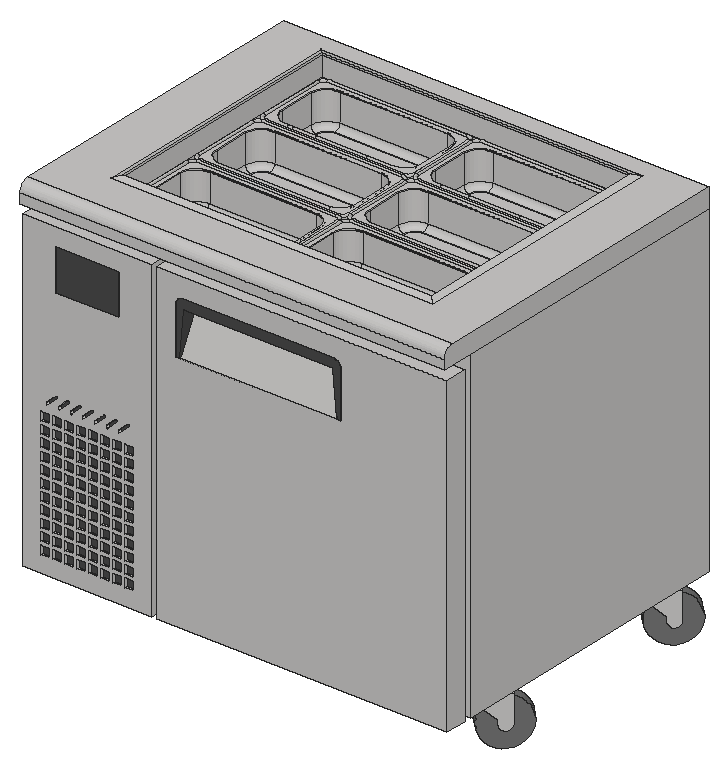
Revit family "QF_Turbo Air_JBT-36", category Specialty Equipment, Revit 2012 (continued)
Definition of nested family "QF_Turbo Air_SNZ_cat"
  Lines and regions (in)
    symbolic lines, style "QF_Overcounter Details"
      curve 2: line (-44.61169, -11.0625, 0.25) -> (-44.61169, 11.0625, 0.25)
      curve 3: line (3.38831, -11.0625, 0.25) -> (-44.61169, -11.0625, 0.25)
      curve 4: line (3.38831, 11.0625, 0.25) -> (3.38831, -11.0625, 0.25)
      curve 5: line (-44.61169, -4, 0.25) -> (3.38831, -4, 0.25)
      curve 6: line (-44.61169, 4, 0.25) -> (3.38831, 4, 0.25)
  Dimensions and locks (in)
    plane 5 to plane 4 = 1' - 10 1/8"
    equal spacing: plane 5, plane 1 "CENTER FB", plane 4
    "Width": plane 6 "RIGHT" to plane 3 "LEFT"
    plane 7 to plane 2 = 1' - 5 1/4"
    locked: plane 8 to plane 2 at 1.5
    locked: plane 7 to plane 9 at 0.125
    locked: plane 9 to plane 10 at 1
    locked: plane 3 "LEFT" to Extrusion 1 sketch curve at 1.5
    locked: Extrusion 1 sketch curve to plane 3 "LEFT" at 0.125
    locked: Extrusion 1 sketch curve to level at 0.125  (x2)
    locked: plane 6 "RIGHT" to Extrusion 1 sketch curve at 0.125
    locked: Extrusion 1 sketch curve to plane 6 "RIGHT" at 1.5
    Extrusion 2 sketch curve to plane 1 "CENTER FB" to Extrusion 2 sketch curve = 0' - 1" locked, 0' - 1" locked  (x2)
    locked: plane 3 "LEFT" to Extrusion 2 sketch curve at 1
    locked: Extrusion 2 sketch curve to plane 6 "RIGHT" at 1
    locked: plane 4 to Extrusion 3 sketch curve at 0.125
    locked: Extrusion 3 sketch curve to plane 5 at 0.125
    locked: Extrusion 3 sketch curve to plane 9 at 6.10606
    locked: plane 9 to Extrusion 3 sketch curve at 6.10606
    locked: plane 10 to Extrusion 4 sketch curve at 5.10606  (x2)
    locked: plane 10 to Extrusion 5 sketch curve at 5.10606  (x2)
    Extrusion 6 sketch curve to plane 1 "CENTER FB" to Extrusion 6 sketch curve = 0' - 0 1/2" locked, 0' - 0 1/2" locked
    locked: plane 3 "LEFT" to Extrusion 6 at 1
    locked: plane 6 "RIGHT" to Extrusion 6 at 1
    aligned and locked: level to plane 2
    aligned and locked: Extrusion 1 sketch curve to plane 3 "LEFT"
    aligned and locked: Extrusion 1 sketch curve to level
    aligned and locked: Extrusion 1 sketch curve to plane 8
    aligned and locked: level to Extrusion 1 sketch curve
    aligned and locked: Extrusion 1 sketch curve to plane 6 "RIGHT"
    aligned and locked: plane 8 to Extrusion 1 sketch curve
    aligned and locked: plane 3 "LEFT" to Extrusion 2 sketch curve
    aligned and locked: plane 6 "RIGHT" to Extrusion 2 sketch curve
    aligned and locked: plane 10 to Extrusion 2
    aligned and locked: plane 9 to Extrusion 3 sketch curve
    aligned and locked: plane 7 to Extrusion 3 sketch curve
    aligned and locked: Extrusion 3 sketch curve to plane 4
    aligned and locked: Extrusion 3 sketch curve to plane 5
    aligned and locked: plane 6 "RIGHT" to Extrusion 3
    aligned and locked: plane 9 to Extrusion 4 sketch curve
    aligned and locked: plane 10 to Extrusion 4 sketch curve
    aligned and locked: Extrusion 5 sketch curve to plane 9
    aligned and locked: Extrusion 5 sketch curve to plane 10
    aligned and locked: plane 9 to Extrusion 6 sketch curve
    aligned and locked: Extrusion 6 sketch curve to plane 10
    aligned and locked: plane 3 "LEFT" to curve 2
    aligned and locked: curve 3 to plane 5
    aligned and locked: plane 4 to curve 1
    aligned and locked: curve 4 to plane 6 "RIGHT"
    aligned and locked: curve 6 to Extrusion 3
    aligned and locked: curve 5 to Extrusion 3
  Automatic sketch dimensions
    plane 1 "CENTER FB" to Extrusion 3 sketch curve = 0' - 4"
    Extrusion 3 sketch curve to Extrusion 3 sketch curve = 0' - 0.03941"  (x2)
    Extrusion 3 sketch curve to plane 1 "CENTER FB" = 0' - 3.96059"
    Extrusion 3 sketch curve to Extrusion 3 sketch curve = 0' - 1.22077"  (x2)
    Extrusion 3 sketch curve to Extrusion 3 sketch curve = 0' - 0.06507"  (x2)
    Extrusion 4 sketch curve to plane 5 = 0' - 0 1/8"
    plane 1 "CENTER FB" to Extrusion 4 sketch curve = 0' - 3.96059"
    Extrusion 4 sketch curve to Extrusion 4 sketch curve = 0' - 0.3153"  (x2)
    Extrusion 4 sketch curve to plane 1 "CENTER FB" = 0' - 3.64529"
    plane 4 to Extrusion 4 sketch curve = 0' - 0 1/8"
    Extrusion 4 sketch curve to Extrusion 4 sketch curve = 0' - 1.22077"  (x2)
    Extrusion 5 sketch curve to plane 5 = 0' - 0 1/8"
    plane 1 "CENTER FB" to Extrusion 5 sketch curve = 0' - 3.96059"
    Extrusion 5 sketch curve to Extrusion 5 sketch curve = 0' - 0.3153"  (x2)
    Extrusion 5 sketch curve to plane 1 "CENTER FB" = 0' - 3.64529"
    plane 4 to Extrusion 5 sketch curve = 0' - 0 1/8"
    Extrusion 5 sketch curve to Extrusion 5 sketch curve = 0' - 1.22077"  (x2)
